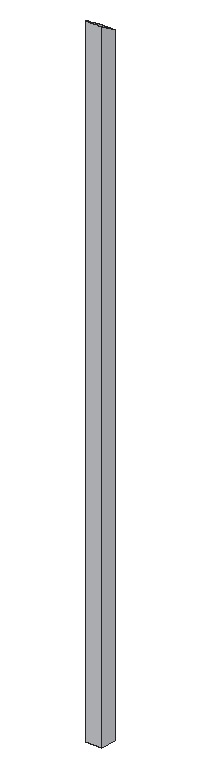
Revit family "Baluster - Square", category Balusters, Revit 2025
Family settings
  Always vertical = Yes
  Cut with Voids When Loaded = No
  Shared = No
Parameters (values of type "3/4"")
  w1 = Width + 0' 2"  # 0' - 3"
  built-in parameter 1008625 [instance] = (empty or 0)
  Post = no
  built-in parameter 1008624 [instance] = 0.00°
  Baluster Material = none
  built-in parameter 1008622 [instance] = 2' - 6"
  built-in parameter 1008623 [instance] = 32.47°
  Width = 0' - 0 3/4"
Reference planes (in)
  plane 1 "Center (Front/Back)": y = 0
  plane 2: z = 0
  plane 3 "Center (Left/Right)": x = 0
  plane 4 "Top": z = 30
  plane 5 "Top Angle Cut": through (0, 13.58797, 21.35351) normal (0, -0.5369, -0.8437)
  plane 6: z = 39
  plane 7 "Bottom Angle Cut": z = 0
  plane 8: y = 1.5
  plane 9: y = -1.5
  plane 10: x = -1.5
  plane 11: x = 1.5
  plane 12: z = -9
Forms (in)
  Extrusion 1, solid, material <- "Baluster Material"
    sketch origin (0, 0, 0) x (1, 0, 0) y (0, 1, 0)
      loop
        line (-0.375, 0.375) -> (-0.375, -0.375) -> (0.375, -0.375) -> (0.375, 0.375) -> (-0.375, 0.375)
    from -9 to 39
  Extrusion 2, void
    sketch origin (0, 0, 0) x (0, 1, 0) y (0, 0, 1)
      loop
        line (-1.5, 39) -> (-1.5, 30.9545) -> (1.5, 29.0455) -> (1.5, 39) -> (-1.5, 39)
    from -1.5 to 1.5
  Extrusion 3, void
    sketch origin (0, 0, 0) x (0, 1, 0) y (0, 0, 1)
      loop
        line (1.5, 0) -> (-1.5, 0) -> (-1.5, -9) -> (1.5, -9) -> (1.5, 0)
    from -1.5 to 1.5
Cuts and joins
  Extrusion 2, Extrusion 3 cuts Extrusion 1
Dimensions and locks (in)
  "built-in parameter 1008622": plane 2 to plane 4 "Top"
  locked: plane 4 "Top" to plane 6 at 9
  equal spacing: Extrusion 1 sketch curve, plane 3 "Center (Left/Right)", Extrusion 1 sketch curve
  equal spacing: Extrusion 1 sketch curve, plane 1 "Center (Front/Back)", Extrusion 1 sketch curve
  "Width": Extrusion 1 sketch curve to Extrusion 1 sketch curve  (x2)
  "w1": plane 10 to plane 11
  equal spacing: plane 10, plane 3 "Center (Left/Right)", plane 11
  equal spacing: plane 8, plane 1 "Center (Front/Back)", plane 9
  "w1": plane 8 to plane 9
  locked: plane 12 to level at 9
  "built-in parameter 1008623": angle plane 4 "Top" to plane 5 "Top Angle Cut"
  "built-in parameter 1008624": angle level to plane 7 "Bottom Angle Cut"
  aligned and locked: Extrusion 1 to plane 6
  aligned and locked: plane 10 to Extrusion 2
  aligned and locked: Extrusion 2 to plane 11
  aligned and locked: Extrusion 3 to Extrusion 2  (x2)
  aligned and locked: plane 12 to Extrusion 3 sketch curve
  aligned and locked: Extrusion 3 sketch curve to plane 9
  aligned and locked: plane 8 to Extrusion 3 sketch curve
  aligned and locked: Extrusion 3 to Extrusion 1
  aligned and locked: plane 6 to Extrusion 2 sketch curve
  aligned and locked: Extrusion 2 sketch curve to plane 8
  aligned and locked: Extrusion 2 sketch curve to plane 9
Automatic sketch dimensions
  Extrusion 3 sketch curve to plane 7 "Bottom Angle Cut" = 0' - 0"  (x2)
  Extrusion 2 sketch curve to plane 5 "Top Angle Cut" = 0' - 0"  (x2)
